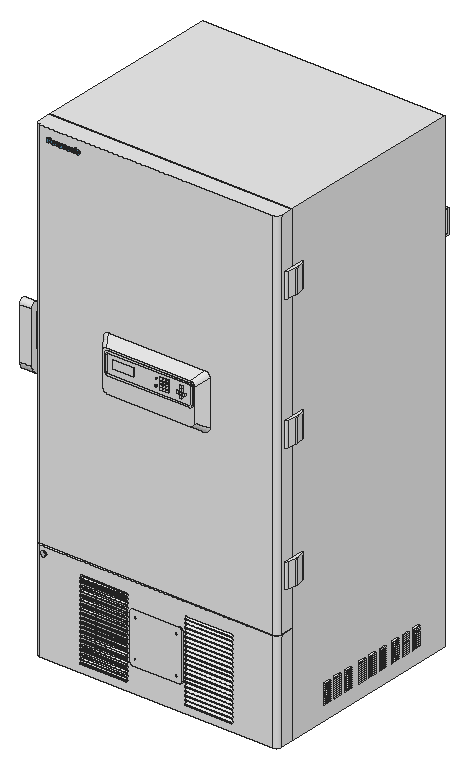
Revit family "MDF-U700VXC-PA", category Mechanical Equipment, Revit 2012 (continued)
Automatic sketch dimensions
  Extrusion 18 sketch curve to plane 29 = 0' - 0"
  Extrusion 18 sketch curve to plane 5 = 0' - 0.19685"  (x20)
  plane 28 to Extrusion 18 sketch curve = 0' - 0.08585"
  plane 5 to Extrusion 18 sketch curve = 0' - 0.59055"  (x17)
  Extrusion 18 sketch curve to Extrusion 18 sketch curve = 0' - 0"  (x3)
  plane 54 to Extrusion 18 sketch curve = 0' - 0.11059"
  Extrusion 18 sketch curve to plane 28 = 0' - 0.00103"
  plane 28 to Extrusion 18 sketch curve = 0' - 0.36614"
  Extrusion 18 sketch curve to Extrusion 18 sketch curve = 0' - 0.08688"  (x38)
  Extrusion 18 sketch curve to Extrusion 18 sketch curve = 0' - 0.58456"  (x2)
  Extrusion 18 sketch curve to plane 54 = 0' - 0.56085"
  Extrusion 18 sketch curve to plane 54 = 0' - 0.25658"
  plane 54 to Extrusion 18 sketch curve = 0' - 0.41486"
  Extrusion 18 sketch curve to Extrusion 18 sketch curve = 0' - 0.57881"  (x30)
  Extrusion 18 sketch curve to plane 29 = 0' - 0.45405"
  Extrusion 18 sketch curve to plane 29 = 0' - 0.08688"
  Extrusion 19 sketch curve to plane 10 = 0' - 0"
  Extrusion 19 sketch curve to plane 33 = 0' - 0"
  Extrusion 19 sketch curve to plane 32 = 0' - 0"
  Extrusion 19 sketch curve to plane 5 = 0' - 0"
  Extrusion 20 sketch curve to plane 7 = 0' - 0"  (x11)
  Extrusion 20 sketch curve to plane 7 = 0' - 0.7874"  (x2)
  Extrusion 20 sketch curve to Extrusion 20 sketch curve = 0' - 0"  (x9)
  Extrusion 20 sketch curve to plane 54 = 0' - 0.08138"
  plane 54 to Extrusion 20 sketch curve = 0' - 0.04542"
  plane 54 to Extrusion 20 sketch curve = 0' - 0.12216"
  Extrusion 20 sketch curve to Extrusion 20 sketch curve = 0' - 0.08688"  (x22)
  Extrusion 20 sketch curve to Extrusion 20 sketch curve = 0' - 0.20354"  (x12)
  Extrusion 20 sketch curve to Extrusion 20 sketch curve = 0' - 0.21652"  (x4)
  Extrusion 20 sketch curve to Extrusion 20 sketch curve = 0' - 0.21778"  (x2)
  Extrusion 20 sketch curve to plane 54 = 0' - 0.15813"
  Extrusion 21 sketch curve to plane 7 = 0' - 0"  (x11)
  Extrusion 21 sketch curve to plane 7 = 0' - 0.7874"  (x2)
  Extrusion 21 sketch curve to Extrusion 21 sketch curve = 0' - 0"  (x9)
  Extrusion 21 sketch curve to plane 54 = 0' - 0.08138"
  Extrusion 21 sketch curve to plane 54 = 0' - 0.15813"
  Extrusion 21 sketch curve to Extrusion 21 sketch curve = 0' - 0.08688"  (x22)
  Extrusion 21 sketch curve to Extrusion 21 sketch curve = 0' - 0.20354"  (x12)
  plane 54 to Extrusion 21 sketch curve = 0' - 0.04542"
  plane 54 to Extrusion 21 sketch curve = 0' - 0.12216"
  Extrusion 21 sketch curve to Extrusion 21 sketch curve = 0' - 0.21652"  (x4)
  Extrusion 21 sketch curve to Extrusion 21 sketch curve = 0' - 0.21778"  (x2)
  Extrusion 22 sketch curve to plane 7 = 0' - 0"  (x11)
  Extrusion 22 sketch curve to plane 7 = 0' - 0.7874"  (x2)
  Extrusion 22 sketch curve to Extrusion 22 sketch curve = 0' - 0"  (x9)
  Extrusion 22 sketch curve to plane 54 = 0' - 0.08138"
  Extrusion 22 sketch curve to plane 54 = 0' - 0.15813"
  Extrusion 22 sketch curve to Extrusion 22 sketch curve = 0' - 0.08688"  (x22)
  Extrusion 22 sketch curve to Extrusion 22 sketch curve = 0' - 0.20354"  (x12)
  plane 54 to Extrusion 22 sketch curve = 0' - 0.04542"
  plane 54 to Extrusion 22 sketch curve = 0' - 0.12216"
  Extrusion 22 sketch curve to Extrusion 22 sketch curve = 0' - 0.21652"  (x4)
  Extrusion 22 sketch curve to Extrusion 22 sketch curve = 0' - 0.21778"  (x2)
  Extrusion 23 sketch curve to plane 7 = 0' - 0"  (x11)
  Extrusion 23 sketch curve to plane 7 = 0' - 0.7874"  (x2)
  Extrusion 23 sketch curve to Extrusion 23 sketch curve = 0' - 0"  (x9)
  Extrusion 23 sketch curve to plane 54 = 0' - 0.08138"
  plane 54 to Extrusion 23 sketch curve = 0' - 0.04542"
  plane 54 to Extrusion 23 sketch curve = 0' - 0.12216"
  Extrusion 23 sketch curve to Extrusion 23 sketch curve = 0' - 0.08688"  (x22)
  Extrusion 23 sketch curve to Extrusion 23 sketch curve = 0' - 0.20354"  (x12)
  Extrusion 23 sketch curve to Extrusion 23 sketch curve = 0' - 0.21652"  (x4)
  Extrusion 23 sketch curve to Extrusion 23 sketch curve = 0' - 0.21778"  (x2)
  Extrusion 23 sketch curve to plane 54 = 0' - 0.15813"
  Extrusion 24 sketch curve to plane 7 = 0' - 0"  (x11)
  Extrusion 24 sketch curve to plane 7 = 0' - 0.7874"  (x2)
  Extrusion 24 sketch curve to Extrusion 24 sketch curve = 0' - 0"  (x9)
  Extrusion 24 sketch curve to plane 54 = 0' - 0.08138"
  Extrusion 24 sketch curve to plane 54 = 0' - 0.15813"
  Extrusion 24 sketch curve to Extrusion 24 sketch curve = 0' - 0.08688"  (x22)
  Extrusion 24 sketch curve to Extrusion 24 sketch curve = 0' - 0.20354"  (x12)
  plane 54 to Extrusion 24 sketch curve = 0' - 0.04542"
  plane 54 to Extrusion 24 sketch curve = 0' - 0.12216"
  Extrusion 24 sketch curve to Extrusion 24 sketch curve = 0' - 0.21652"  (x4)
  Extrusion 24 sketch curve to Extrusion 24 sketch curve = 0' - 0.21778"  (x2)
  Extrusion 25 sketch curve to plane 7 = 0' - 0"  (x11)
  Extrusion 25 sketch curve to plane 7 = 0' - 0.7874"  (x2)
  Extrusion 25 sketch curve to Extrusion 25 sketch curve = 0' - 0"  (x9)
  Extrusion 25 sketch curve to plane 54 = 0' - 0.08138"
  Extrusion 25 sketch curve to plane 54 = 0' - 0.15813"
  Extrusion 25 sketch curve to Extrusion 25 sketch curve = 0' - 0.08688"  (x22)
  Extrusion 25 sketch curve to Extrusion 25 sketch curve = 0' - 0.20354"  (x12)
  plane 54 to Extrusion 25 sketch curve = 0' - 0.04542"
  plane 54 to Extrusion 25 sketch curve = 0' - 0.12216"
  Extrusion 25 sketch curve to Extrusion 25 sketch curve = 0' - 0.21652"  (x4)
  Extrusion 25 sketch curve to Extrusion 25 sketch curve = 0' - 0.21778"  (x2)
  Extrusion 26 sketch curve to plane 7 = 0' - 0"  (x11)
  Extrusion 26 sketch curve to plane 7 = 0' - 0.7874"  (x2)
  Extrusion 26 sketch curve to Extrusion 26 sketch curve = 0' - 0"  (x9)
  Extrusion 26 sketch curve to plane 54 = 0' - 0.08138"
  plane 54 to Extrusion 26 sketch curve = 0' - 0.04542"
  plane 54 to Extrusion 26 sketch curve = 0' - 0.12216"
  Extrusion 26 sketch curve to Extrusion 26 sketch curve = 0' - 0.08688"  (x22)
  Extrusion 26 sketch curve to Extrusion 26 sketch curve = 0' - 0.20354"  (x12)
  Extrusion 26 sketch curve to Extrusion 26 sketch curve = 0' - 0.21652"  (x4)
  Extrusion 26 sketch curve to Extrusion 26 sketch curve = 0' - 0.21778"  (x2)
  Extrusion 26 sketch curve to plane 54 = 0' - 0.15813"
  Extrusion 27 sketch curve to plane 7 = 0' - 0"  (x11)
  Extrusion 27 sketch curve to plane 7 = 0' - 0.7874"  (x2)
  Extrusion 27 sketch curve to Extrusion 27 sketch curve = 0' - 0"  (x9)
  Extrusion 27 sketch curve to plane 54 = 0' - 0.08138"
  Extrusion 27 sketch curve to plane 54 = 0' - 0.15813"
  Extrusion 27 sketch curve to Extrusion 27 sketch curve = 0' - 0.08688"  (x22)
  Extrusion 27 sketch curve to Extrusion 27 sketch curve = 0' - 0.20354"  (x12)
  plane 54 to Extrusion 27 sketch curve = 0' - 0.04542"
  plane 54 to Extrusion 27 sketch curve = 0' - 0.12216"
  Extrusion 27 sketch curve to Extrusion 27 sketch curve = 0' - 0.21652"  (x4)
  Extrusion 27 sketch curve to Extrusion 27 sketch curve = 0' - 0.21778"  (x2)
  Extrusion 28 sketch curve to plane 36 = 0' - 0"
  Extrusion 28 sketch curve to plane 37 = 0' - 0"
  Extrusion 28 sketch curve to plane 38 = 0' - 0"
  Extrusion 28 sketch curve to plane 39 = 0' - 0"
  Extrusion 28 sketch curve to plane 40 = 0' - 0"
  Extrusion 28 sketch curve to plane 41 = 0' - 0"
  Extrusion 28 sketch curve to plane 42 = 0' - 0"
  Extrusion 28 sketch curve to plane 43 = 0' - 0"
  Extrusion 28 sketch curve to plane 44 = 0' - 0"
  Extrusion 28 sketch curve to plane 45 = 0' - 0"
  Extrusion 28 sketch curve to plane 46 = 0' - 0"
  Extrusion 28 sketch curve to plane 47 = 0' - 0"
  Extrusion 28 sketch curve to plane 48 = 0' - 0"
  Extrusion 28 sketch curve to plane 49 = 0' - 0"
  Extrusion 28 sketch curve to plane 50 = 0' - 0"
  Extrusion 28 sketch curve to plane 51 = 0' - 0"
  Extrusion 28 sketch curve to plane 52 = 0' - 0"
  Extrusion 28 sketch curve to plane 53 = 0' - 0"
  Extrusion 28 sketch curve to plane 54 = 0' - 0.53543"  (x9)
  plane 54 to Extrusion 28 sketch curve = 0' - 2.86305"
  Extrusion 28 sketch curve to Extrusion 28 sketch curve = 0' - 0"  (x8)
  Extrusion 29 sketch curve to plane 4 = 0' - 0"  (x2)
  plane 4 to Extrusion 29 sketch curve = 0' - 0.11811"
  Extrusion 29 sketch curve to Extrusion 29 sketch curve = 0' - 0.11811"  (x4)
  Extrusion 29 sketch curve to plane 18 = 0' - 1.30699"
  Extrusion 29 sketch curve to Extrusion 29 sketch curve = 0' - 3.8189"
  plane 19 to Extrusion 29 sketch curve = 0' - 1.72451"
  Extrusion 29 sketch curve to Extrusion 29 sketch curve = 0' - 1.73228"
  Extrusion 29 sketch curve to Extrusion 29 sketch curve = 0' - 1.62179"
  Extrusion 30 sketch curve to plane 4 = 0' - 0"  (x2)
  plane 4 to Extrusion 30 sketch curve = 0' - 0.11811"
  Extrusion 30 sketch curve to Extrusion 30 sketch curve = 0' - 0.11811"  (x4)
  Extrusion 30 sketch curve to plane 18 = 0' - 1.30699"
  Extrusion 30 sketch curve to Extrusion 30 sketch curve = 0' - 3.8189"
  Extrusion 30 sketch curve to Extrusion 30 sketch curve = 0' - 1.62179"
  plane 19 to Extrusion 30 sketch curve = 0' - 1.72451"
  Extrusion 30 sketch curve to Extrusion 30 sketch curve = 0' - 1.73228"
  Extrusion 31 sketch curve to plane 5 = 0' - 0"
  Extrusion 31 sketch curve to plane 7 = 0' - 0"
  plane 5 to Extrusion 31 sketch curve = 0' - 0.7874"
  Extrusion 31 sketch curve to plane 7 = 0' - 0.7874"
  Extrusion 32 sketch curve to plane 4 = 0' - 0"
  plane 4 to Extrusion 32 sketch curve = 0' - 0.03937"  (x2)
  plane 4 to Extrusion 32 sketch curve = 0' - 0.43307"
  plane 26 to Extrusion 32 sketch curve = 0' - 5.89944"
  Extrusion 32 sketch curve to Extrusion 32 sketch curve = 0' - 0.37739"  (x2)
  Extrusion 32 sketch curve to Extrusion 32 sketch curve = 0' - 0.3937"  (x2)
  plane 15 to Extrusion 32 sketch curve = 0' - 0.7901"
  Sweep 33 sketch curve to plane 4 = 0' - 0"
  Sweep 33 sketch curve to plane 7 = 0' - 0"
  Sweep 33 sketch curve to plane 10 = 0' - 0"  (x2)
  Sweep 33 sketch curve to plane 6 = 0' - 0"
  Sweep 33 sketch curve to profile plane = 0' - 0"
  profile plane to Sweep 33 sketch curve = 0' - 3.50394"
  Extrusion 34 sketch curve to plane 7 = 0' - 0"  (x11)
  Extrusion 34 sketch curve to plane 7 = 0' - 0.7874"  (x2)
  Extrusion 34 sketch curve to Extrusion 34 sketch curve = 0' - 0"  (x9)
  Extrusion 34 sketch curve to plane 54 = 0' - 0.08138"
  Extrusion 34 sketch curve to plane 54 = 0' - 0.15813"
  Extrusion 34 sketch curve to Extrusion 34 sketch curve = 0' - 0.08688"  (x22)
  Extrusion 34 sketch curve to Extrusion 34 sketch curve = 0' - 0.20354"  (x12)
  plane 54 to Extrusion 34 sketch curve = 0' - 0.04542"
  plane 54 to Extrusion 34 sketch curve = 0' - 0.12216"
  Extrusion 34 sketch curve to Extrusion 34 sketch curve = 0' - 0.21652"  (x4)
  Extrusion 34 sketch curve to Extrusion 34 sketch curve = 0' - 0.21778"  (x2)
  Extrusion 35 sketch curve to plane 10 = 0' - 0"
  Extrusion 35 sketch curve to plane 7 = 0' - 0"
  Extrusion 35 sketch curve to plane 7 = 0' - 0.16849"
  Extrusion 35 sketch curve to Extrusion 35 sketch curve = 0' - 0.23617"  (x2)
  Extrusion 35 sketch curve to Extrusion 35 sketch curve = 0' - 0.25596"  (x2)
  plane 10 to Extrusion 35 sketch curve = 0' - 0.15868"
  plane 7 to Extrusion 35 sketch curve = 0' - 0.7314"
  Extrusion 35 sketch curve to plane 10 = 0' - 0.15868"
  Extrusion 35 sketch curve to Extrusion 35 sketch curve = 0' - 1.35702"  (x2)
Nested families (in)
  nested 1: "Wheels 2" at (-11.65354, -9.95683, 0), Metal <- "Wheel", type "Wheels 2"
    with Metal Stainless Steel, Finish Stainless Stainless
  nested 2: "Wheels 2" at (11.65354, -9.95683, 0) x (-1, 0, 0) z (0, 0, 1), Metal <- "Wheel", type "Wheels 2"
    with Metal Stainless Steel, Finish Stainless Stainless
  nested 3: "Wheels 2" at (-11.65354, 12.99213, 0), Metal <- "Wheel", type "Wheels 2"
    with Metal Stainless Steel, Finish Stainless Stainless
  nested 4: "Wheels 2" at (11.65354, 12.99213, 0) x (-1, 0, 0) z (0, 0, 1), Metal <- "Wheel", type "Wheels 2"
    with Metal Stainless Steel, Finish Stainless Stainless
  nested 5: "Panel board 7" at (0, -0.03937, 0), type "Panel board 7"
  nested 6: "Panasonic logo" at (-17.90631, -17.12598, 77.03611), type "Panasonic logo"
  nested 7: "Panel board 8" at (0, -0.03937, 0), type "Panel board 8"
  nested 8: "nob" at (-3.38583, -0.03937, 0), type "nob"
  nested 9: "power cord" at (-17.12205, 19.3937, 4.59055), type "power cord"
  nested 10: "Handle1" at (-21.85039, -11.36811, 42.20472), Handle <- "Handle", type "Handle1"
    with Handle Aluminum
  nested 11: "Vacuum Relief Valve" at (-20.66929, -8.86811, 44), type "Vacuum Relief Valve"
    with Handle none
Connectors (in)
  electrical at (-15.88189, 18.25984, 4), driven by "LOAD 1 POLES", driven by "LOAD 1 CLASSIFICATION", driven by "LOAD 1 VOLTAGE", driven by "LOAD 1 WATTAGE", driven by "LOAD 1 DESCRIPTION"
    settings: on nested 9, index 1, voltage 208 V, apparent load 0 VA, apparent load phase1 1100 VA, apparent load phase2 0 VA, apparent load phase3 0 VA, power factor 1, load classification "Power", number of poles 1, system type 31, power factor state 1, is connector primary yes, connector utility no, sub classification motor no, connector description "single phase 208/220V 60Hz"
Definition of nested family "Wheels 2"
  Parameters (values of type "Wheels 2")
    Metal [instance] = Metal Steel
    Finish Stainless [instance] = Stainless
    Assembly Code = ""
  Reference planes (in)
    plane 1 "Center (Front/Back)": y = 0
    plane 2: z = 0
    plane 3 "Center (Left/Right)": x = 0
    plane 4: z = 1.06299
    plane 5: x = -0.3937
    plane 6: x = 0.3937
    plane 7: x = -1.5748
    plane 8: x = 1.5748
  Forms (in)
    Extrusion 1, solid, material "Metal Steel" <- "Metal"
      sketch origin (0, 0, -0.45276) x (0, 1, 0) y (0, 0, 1)
        loop
          circle (0, 0.98425) r 0.5315
      from -1.5748 to -0.3937
    Extrusion 2, solid, material "Metal Steel" <- "Metal"
      sketch origin (0, 0, -0.45276) x (0, 1, 0) y (0, 0, 1)
        loop
          circle (0, 0.98425) r 0.5315
      from 0.3937 to 1.5748
    Extrusion 3, solid, material "Stainless" <- "Finish Stainless"
      sketch origin (0, 0, -0.37404) x (0, 1, 0) y (0, 0, 1)
        loop
          circle (0, 1.25987) r 0.17717
      from -0.3937 to 0.3937
  Dimensions and locks (in)
    plane 4 to level = 0' - 1.06299"
    plane 3 "Center (Left/Right)" to plane 5 = 0' - 0.3937"
    plane 6 to plane 3 "Center (Left/Right)" = 0' - 0.3937"
    plane 5 to plane 7 = 0' - 1.1811"
    plane 8 to plane 6 = 0' - 1.1811"
    aligned and locked: plane 5 to Extrusion 1
    aligned and locked: plane 7 to Extrusion 1
    aligned and locked: Extrusion 2 to plane 6
    aligned and locked: plane 8 to Extrusion 2
    aligned and locked: Extrusion 3 to Extrusion 1
    aligned and locked: plane 6 to Extrusion 3
Definition of nested family "Panel board 7"
  Parameters (values of type "Panel board 7")
    Panel = Plastic
  Reference planes (in)
    plane 1 "Center (Front/Back)": y = 0
    plane 2: z = 0
    plane 3 "Center (Left/Right)": x = 0
  Forms (in)
    Blend 1, solid, material "Plastic" <- "Panel"
      base sketch origin (-2.92052, 0, 1.07682) x (1, 0, 0) y (0, 0, 1)
        loop
          arc (-4.93586, 51.42792) -> (-5.49264, 51.19729) -> (-5.72326, 50.64051) r 0.7874
          line (-5.72326, 50.64051) -> (-5.72326, 43.23894)
          arc (-5.72326, 43.23894) -> (-5.49264, 42.68216) -> (-4.93586, 42.45154) r 0.7874
          line (-4.93586, 42.45154) -> (10.81231, 42.45154)
          arc (10.81231, 42.45154) -> (11.36909, 42.68216) -> (11.59971, 43.23894) r 0.7874
          line (11.59971, 43.23894) -> (11.59971, 50.64051)
          arc (11.59971, 50.64051) -> (11.36909, 51.19729) -> (10.81231, 51.42792) r 0.7874
          line (10.81231, 51.42792) -> (-4.93586, 51.42792)
      top sketch origin (-2.92052, 0, 1.07682) x (1, 0, 0) y (0, 0, 1)
        loop
          arc (-3.9237, 50.32555) -> (-4.39493, 50.09959) -> (-4.6209, 49.62836) r 0.7874
          line (-4.6209, 49.62836) -> (-4.6209, 44.2511)
          arc (-4.6209, 44.2511) -> (-4.39493, 43.77986) -> (-3.9237, 43.5539) r 0.7874
          line (-3.9237, 43.5539) -> (9.80015, 43.5539)
          arc (9.80015, 43.5539) -> (10.27139, 43.77986) -> (10.49735, 44.2511) r 0.7874
          line (10.49735, 44.2511) -> (10.49735, 49.62836)
          arc (10.49735, 49.62836) -> (10.27139, 50.09959) -> (9.80015, 50.32555) r 0.7874
          line (9.80015, 50.32555) -> (-3.9237, 50.32555)
      from 17.08661 to 18.66142
    Extrusion 2, solid, material "Plastic" <- "Panel"
      sketch origin (0.01778, 0, 0.00473) x (1, 0, 0) y (0, 0, 1)
        loop
          arc (-6.64412, 51.00394) -> (-7.01279, 50.85123) -> (-7.16549, 50.48257) r 0.52137
          line (-7.16549, 50.48257) -> (-7.16549, 47.94263)
          arc (-7.16549, 47.94263) -> (-7.01279, 47.57397) -> (-6.64412, 47.42126) r 0.52137
          line (-6.64412, 47.42126) -> (6.64399, 47.42126)
          arc (6.64399, 47.42126) -> (7.01265, 47.57397) -> (7.16535, 47.94263) r 0.52137
          line (7.16535, 47.94263) -> (7.16535, 50.48257)
          arc (7.16535, 50.48257) -> (7.01265, 50.85123) -> (6.64399, 51.00394) r 0.52137
          line (6.64399, 51.00394) -> (-6.64412, 51.00394)
        loop
          arc (-6.64412, 50.80709) -> (-6.87359, 50.71204) -> (-6.96864, 50.48257) r 0.32452
          line (-6.96864, 50.48257) -> (-6.96864, 47.94263)
          arc (-6.96864, 47.94263) -> (-6.87359, 47.71316) -> (-6.64412, 47.61811) r 0.32452
          line (-6.64412, 47.61811) -> (6.64399, 47.61811)
          arc (6.64399, 47.61811) -> (6.87345, 47.71316) -> (6.9685, 47.94263) r 0.32452
          line (6.9685, 47.94263) -> (6.9685, 50.48257)
          arc (6.9685, 50.48257) -> (6.87345, 50.71204) -> (6.64399, 50.80709) r 0.32452
          line (6.64399, 50.80709) -> (-6.64412, 50.80709)
        loop
          line (-5.86605, 49.93539) -> (-5.86605, 48.65586) -> (-2.51946, 48.65586) -> (-2.51946, 49.93539) -> (-5.86605, 49.93539)
        loop
          line (1.84688, 50.14765) -> (1.84688, 49.75394) -> (2.24058, 49.75394) -> (2.24058, 50.14765) -> (1.84688, 50.14765)
        loop
          line (2.3458, 50.14765) -> (2.3458, 49.75394) -> (2.7395, 49.75394) -> (2.7395, 50.14765) -> (2.3458, 50.14765)
        loop
          line (2.84473, 50.14765) -> (2.84473, 49.75394) -> (3.23843, 49.75394) -> (3.23843, 50.14765) -> (2.84473, 50.14765)
        loop
          line (1.84688, 49.66284) -> (1.84688, 49.26914) -> (2.24058, 49.26914) -> (2.24058, 49.66284) -> (1.84688, 49.66284)
        loop
          line (2.3458, 49.66284) -> (2.3458, 49.26914) -> (2.7395, 49.26914) -> (2.7395, 49.66284) -> (2.3458, 49.66284)
        loop
          line (2.84473, 49.66284) -> (2.84473, 49.26914) -> (3.23843, 49.26914) -> (3.23843, 49.66284) -> (2.84473, 49.66284)
        loop
          line (1.84688, 49.17803) -> (1.84688, 48.78433) -> (2.24058, 48.78433) -> (2.24058, 49.17803) -> (1.84688, 49.17803)
        loop
          line (2.3458, 49.17803) -> (2.3458, 48.78433) -> (2.7395, 48.78433) -> (2.7395, 49.17803) -> (2.3458, 49.17803)
        loop
          line (2.84473, 49.17803) -> (2.84473, 48.78433) -> (3.23843, 48.78433) -> (3.23843, 49.17803) -> (2.84473, 49.17803)
        loop
          line (1.84688, 48.69322) -> (1.84688, 48.29952) -> (2.24058, 48.29952) -> (2.24058, 48.69322) -> (1.84688, 48.69322)
        loop
          line (2.3458, 48.69322) -> (2.3458, 48.29952) -> (2.7395, 48.29952) -> (2.7395, 48.69322) -> (2.3458, 48.69322)
        loop
          line (2.84473, 48.69322) -> (2.84473, 48.29952) -> (3.23843, 48.29952) -> (3.23843, 48.69322) -> (2.84473, 48.69322)
        loop
          line (5.0839, 50.14765) -> (5.0839, 49.75394) -> (5.4776, 49.75394) -> (5.4776, 50.14765) -> (5.0839, 50.14765)
        loop
          line (5.0839, 49.66284) -> (5.0839, 49.26914) -> (5.4776, 49.26914) -> (5.4776, 49.66284) -> (5.0839, 49.66284)
        loop
          line (5.0839, 49.17803) -> (5.0839, 48.78433) -> (5.4776, 48.78433) -> (5.4776, 49.17803) -> (5.0839, 49.17803)
        loop
          line (5.0839, 48.69322) -> (5.0839, 48.29952) -> (5.4776, 48.29952) -> (5.4776, 48.69322) -> (5.0839, 48.69322)
        loop
          line (5.58283, 49.17803) -> (5.58283, 48.78433) -> (5.97653, 48.78433) -> (5.97653, 49.17803) -> (5.58283, 49.17803)
        loop
          line (4.58498, 49.17803) -> (4.58498, 48.78433) -> (4.97868, 48.78433) -> (4.97868, 49.17803) -> (4.58498, 49.17803)
        loop
          circle (1.17466, 48.67164) r 0.11811
        loop
          circle (1.17466, 49.7412) r 0.07874
      from 18.66142 to 18.75833
  Dimensions and locks (in)
    aligned and locked: level to plane 2
Definition of nested family "Panasonic logo"
  Reference planes (in)
    plane 1 "Center (Front/Back)": y = 0
    plane 2: z = 0
    plane 3 "Center (Left/Right)": x = 0
  Forms (in)
    Extrusion 1, solid, material "Panasonic Logo"
      sketch origin (0.03212, -0.09843, 0) x (-1, 0, 0) y (0, 0, 1)
        loop
          line (0, 0.68898) -> (-0.38583, 0.68898)
          arc (-0.38583, 0.68898) -> (-0.5324, 0.62429) -> (-0.58339, 0.47241) r 0.19839
          arc (-0.58339, 0.47241) -> (-0.5324, 0.32053) -> (-0.38583, 0.25585) r 0.19839
          line (-0.38583, 0.25585) -> (-0.21395, 0.25585) -> (-0.21395, 0) -> (0, 0) -> (0, 0.68898)
        loop
          arc (-0.66907, 0.33724) -> (-0.70533, 0.42799) -> (-0.78293, 0.48739) r 0.18409
          arc (-0.78293, 0.48739) -> (-0.94253, 0.51185) -> (-1.10277, 0.49195) r 0.58761
          arc (-1.10277, 0.49195) -> (-1.17984, 0.43094) -> (-1.20954, 0.33724) r 0.16786
          line (-1.20954, 0.33724) -> (-1.20954, 0.10637)
          arc (-1.20954, 0.10637) -> (-1.21448, 0.05156) -> (-1.23371, 0) r 0.20675
          line (-1.23371, 0) -> (-1.05442, 0)
          arc (-1.05442, 0) -> (-1.04032, 0.02938) -> (-1.03346, 0.06124) r 0.13892
          arc (-1.03346, 0.06124) -> (-0.92765, -0.00265) -> (-0.80421, -0.00927) r 0.25497
          arc (-0.80421, -0.00927) -> (-0.68619, 0.05376) -> (-0.66967, 0.18654) r 0.14536
          arc (-0.66967, 0.18654) -> (-0.70757, 0.24008) -> (-0.76714, 0.26753) r 0.12687
          arc (-0.76714, 0.26753) -> (-0.89578, 0.2976) -> (-1.02299, 0.33321) r 3.05121
          arc (-1.02299, 0.33321) -> (-1.01572, 0.37383) -> (-0.97994, 0.3944) r 0.04886
          arc (-0.97994, 0.3944) -> (-0.9077, 0.38896) -> (-0.85699, 0.33724) r 0.10279
          line (-0.85699, 0.33724) -> (-0.66907, 0.33724)
        loop
          arc (-1.02299, 0.23691) -> (-1.02456, 0.20658) -> (-1.02057, 0.17647) r 0.16573
          arc (-1.02057, 0.17647) -> (-0.98107, 0.1169) -> (-0.91299, 0.09509) r 0.10791
          arc (-0.91299, 0.09509) -> (-0.86961, 0.109) -> (-0.8514, 0.15075) r 0.0553
          arc (-0.8514, 0.15075) -> (-0.86976, 0.18174) -> (-0.90091, 0.19984) r 0.07152
          arc (-0.90091, 0.19984) -> (-0.96216, 0.21768) -> (-1.02299, 0.23691) r 2.80364
        loop
          line (-1.32437, 0) -> (-1.32437, 0.49921) -> (-1.50205, 0.49921) -> (-1.50205, 0.41782)
          arc (-1.50205, 0.41782) -> (-1.569, 0.48006) -> (-1.65589, 0.50849) r 0.2129
          arc (-1.65589, 0.50849) -> (-1.71735, 0.50634) -> (-1.77603, 0.48792) r 0.22905
          arc (-1.77603, 0.48792) -> (-1.82695, 0.43299) -> (-1.85137, 0.36217) r 0.18164
          line (-1.85137, 0.36217) -> (-1.85137, 0) -> (-1.65959, 0) -> (-1.65959, 0.29261)
          arc (-1.65959, 0.29261) -> (-1.65655, 0.30888) -> (-1.65071, 0.32437) r 0.09434
          arc (-1.65071, 0.32437) -> (-1.60773, 0.35903) -> (-1.55372, 0.34755) r 0.06426
          arc (-1.55372, 0.34755) -> (-1.52809, 0.31355) -> (-1.51535, 0.27293) r 0.12512
          line (-1.51535, 0.27293) -> (-1.51535, 0) -> (-1.32437, 0)
        loop
          arc (-2.0658, 0.48739) -> (-2.2254, 0.51185) -> (-2.38563, 0.49195) r 0.58761
          arc (-2.38563, 0.49195) -> (-2.46271, 0.43094) -> (-2.4924, 0.33724) r 0.16786
          line (-2.4924, 0.33724) -> (-2.4924, 0.10637)
          arc (-2.4924, 0.10637) -> (-2.49735, 0.05156) -> (-2.51658, 0) r 0.20675
          line (-2.51658, 0) -> (-2.33728, 0)
          arc (-2.33728, 0) -> (-2.32319, 0.02938) -> (-2.31633, 0.06124) r 0.13892
          arc (-2.31633, 0.06124) -> (-2.21051, -0.00265) -> (-2.08707, -0.00927) r 0.25497
          arc (-2.08707, -0.00927) -> (-1.96905, 0.05376) -> (-1.95254, 0.18654) r 0.14536
          arc (-1.95254, 0.18654) -> (-1.99044, 0.24008) -> (-2.05001, 0.26753) r 0.12687
          arc (-2.05001, 0.26753) -> (-2.17864, 0.2976) -> (-2.30585, 0.33321) r 3.05121
          arc (-2.30585, 0.33321) -> (-2.29859, 0.37383) -> (-2.2628, 0.3944) r 0.04886
          arc (-2.2628, 0.3944) -> (-2.19057, 0.38896) -> (-2.13986, 0.33724) r 0.10279
          line (-2.13986, 0.33724) -> (-1.95194, 0.33724)
          arc (-1.95194, 0.33724) -> (-1.9882, 0.42799) -> (-2.0658, 0.48739) r 0.18409
        loop
          arc (-2.30585, 0.23691) -> (-2.30743, 0.20658) -> (-2.30344, 0.17647) r 0.16573
          arc (-2.30344, 0.17647) -> (-2.26393, 0.1169) -> (-2.19586, 0.09509) r 0.10791
          arc (-2.19586, 0.09509) -> (-2.15248, 0.109) -> (-2.13426, 0.15075) r 0.0553
          arc (-2.13426, 0.15075) -> (-2.15263, 0.18174) -> (-2.18377, 0.19984) r 0.07152
          arc (-2.18377, 0.19984) -> (-2.24502, 0.21768) -> (-2.30585, 0.23691) r 2.80364
        loop
          arc (-2.92975, 0.5049) -> (-3.03414, 0.45676) -> (-3.09463, 0.35899) r 0.19947
          line (-3.09463, 0.35899) -> (-2.90539, 0.35899)
          arc (-2.90539, 0.35899) -> (-2.85237, 0.40465) -> (-2.78266, 0.39858) r 0.09009
          arc (-2.78266, 0.39858) -> (-2.76871, 0.36543) -> (-2.79321, 0.33909) r 0.03313
          arc (-2.79321, 0.33909) -> (-2.83869, 0.3295) -> (-2.88433, 0.32073) r 2.54064
          arc (-2.88433, 0.32073) -> (-2.94649, 0.31004) -> (-3.00772, 0.29493) r 0.88332
          arc (-3.00772, 0.29493) -> (-3.10307, 0.16501) -> (-3.01917, 0.02742) r 0.14476
          arc (-3.01917, 0.02742) -> (-2.86186, -0.01349) -> (-2.7003, 0.00443) r 0.44796
          arc (-2.7003, 0.00443) -> (-2.61174, 0.06063) -> (-2.56879, 0.15633) r 0.18235
          line (-2.56879, 0.15633) -> (-2.76316, 0.15633)
          arc (-2.76316, 0.15633) -> (-2.82114, 0.10394) -> (-2.89929, 0.10393) r 0.1088
          arc (-2.89929, 0.10393) -> (-2.92477, 0.13586) -> (-2.90659, 0.17245) r 0.03801
          arc (-2.90659, 0.17245) -> (-2.82094, 0.19945) -> (-2.73194, 0.21153) r 0.52701
          arc (-2.73194, 0.21153) -> (-2.66987, 0.23105) -> (-2.62133, 0.27438) r 0.15455
          arc (-2.62133, 0.27438) -> (-2.5992, 0.38794) -> (-2.67049, 0.47906) r 0.13932
          arc (-2.67049, 0.47906) -> (-2.79835, 0.50972) -> (-2.92975, 0.5049) r 0.48494
        loop
          arc (-3.54315, 0.50388) -> (-3.74384, 0.24936) -> (-3.54315, -0.00516) r 0.26174
          arc (-3.54315, -0.00516) -> (-3.42866, -0.01726) -> (-3.31789, 0.01412) r 0.30368
          arc (-3.31789, 0.01412) -> (-3.1709, 0.24936) -> (-3.31789, 0.4846) r 0.26174
          arc (-3.31789, 0.4846) -> (-3.42866, 0.51599) -> (-3.54315, 0.50388) r 0.30368
        loop
          arc (-3.52459, 0.34884) -> (-3.55159, 0.24936) -> (-3.52459, 0.14988) r 0.19678
          arc (-3.52459, 0.14988) -> (-3.45714, 0.11805) -> (-3.38968, 0.14988) r 0.08739
          arc (-3.38968, 0.14988) -> (-3.36269, 0.24936) -> (-3.38968, 0.34884) r 0.19678
          arc (-3.38968, 0.34884) -> (-3.45714, 0.38067) -> (-3.52459, 0.34884) r 0.08739
        loop
          line (-3.83611, 0.49921) -> (-4.01379, 0.49921) -> (-4.01379, 0.41782)
          arc (-4.01379, 0.41782) -> (-4.08074, 0.48006) -> (-4.16763, 0.50849) r 0.2129
          arc (-4.16763, 0.50849) -> (-4.22909, 0.50634) -> (-4.28777, 0.48792) r 0.22905
          arc (-4.28777, 0.48792) -> (-4.33869, 0.43299) -> (-4.36311, 0.36217) r 0.18164
          line (-4.36311, 0.36217) -> (-4.36311, 0) -> (-4.17133, 0) -> (-4.17133, 0.29261)
          arc (-4.17133, 0.29261) -> (-4.16829, 0.30888) -> (-4.16245, 0.32437) r 0.09434
          arc (-4.16245, 0.32437) -> (-4.11947, 0.35903) -> (-4.06546, 0.34755) r 0.06426
          arc (-4.06546, 0.34755) -> (-4.03983, 0.31355) -> (-4.02709, 0.27293) r 0.12512
          line (-4.02709, 0.27293) -> (-4.02709, 0) -> (-3.83611, 0) -> (-3.83611, 0.49921)
        loop
          line (-4.48439, 0.55884) -> (-4.48439, 0.68898) -> (-4.67537, 0.68898) -> (-4.67537, 0.55884) -> (-4.48439, 0.55884)
        loop
          line (-4.67537, 0.49921) -> (-4.67537, 0) -> (-4.48439, 0) -> (-4.48439, 0.49921) -> (-4.67537, 0.49921)
        loop
          arc (-5.14673, 0.50231) -> (-5.26863, 0.43498) -> (-5.33874, 0.31467) r 0.26174
          line (-5.33874, 0.31467) -> (-5.14346, 0.31467)
          arc (-5.14346, 0.31467) -> (-5.13656, 0.33132) -> (-5.12818, 0.34727) r 0.19678
          arc (-5.12818, 0.34727) -> (-5.06072, 0.3791) -> (-4.99327, 0.34727) r 0.08739
          arc (-4.99327, 0.34727) -> (-4.96627, 0.24779) -> (-4.99327, 0.14831) r 0.19678
          arc (-4.99327, 0.14831) -> (-5.06072, 0.11648) -> (-5.12818, 0.14831) r 0.08739
          arc (-5.12818, 0.14831) -> (-5.13966, 0.17121) -> (-5.14807, 0.19541) r 0.19678
          line (-5.14807, 0.19541) -> (-5.34213, 0.19541)
          arc (-5.34213, 0.19541) -> (-5.27388, 0.06588) -> (-5.14673, -0.00673) r 0.26174
          arc (-5.14673, -0.00673) -> (-5.03224, -0.01884) -> (-4.92147, 0.01255) r 0.30368
          arc (-4.92147, 0.01255) -> (-4.77449, 0.24779) -> (-4.92147, 0.48303) r 0.26174
          arc (-4.92147, 0.48303) -> (-5.03224, 0.51441) -> (-5.14673, 0.50231) r 0.30368
        loop
          line (-0.21395, 0.39261) -> (-0.21395, 0.5502) -> (-0.3165, 0.5502)
          arc (-0.3165, 0.5502) -> (-0.35937, 0.53244) -> (-0.37712, 0.48958) r 0.06062
          line (-0.37712, 0.48958) -> (-0.37712, 0.45323)
          arc (-0.37712, 0.45323) -> (-0.35937, 0.41037) -> (-0.3165, 0.39261) r 0.06062
          line (-0.3165, 0.39261) -> (-0.21395, 0.39261)
      from 0 to 0.09843
  Dimensions and locks (in)
    aligned and locked: plane 2 to level
Definition of nested family "Panel board 8"
  Parameters (values of type "Panel board 8")
    Panel = Plastic
  Reference planes (in)
    plane 1 "Center (Front/Back)": y = 0
    plane 2: z = 0
    plane 3 "Center (Left/Right)": x = 0
  Forms (in)
    Extrusion 1, solid, material "Plastic" <- "Panel"
      sketch origin (0, 0, 0) x (1, 0, 0) y (0, 0, 1)
        loop
          line (-3.83858, 5.15748) -> (3.83858, 5.15748)
          arc (3.83858, 5.15748) -> (4.11697, 5.27279) -> (4.23228, 5.55118) r 0.3937
          line (4.23228, 5.55118) -> (4.23228, 12.99213)
          arc (4.23228, 12.99213) -> (4.11697, 13.27051) -> (3.83858, 13.38583) r 0.3937
          line (3.83858, 13.38583) -> (-3.83858, 13.38583)
          arc (-3.83858, 13.38583) -> (-4.11697, 13.27051) -> (-4.23228, 12.99213) r 0.3937
          line (-4.23228, 12.99213) -> (-4.23228, 5.55118)
          arc (-4.23228, 5.55118) -> (-4.11697, 5.27279) -> (-3.83858, 5.15748) r 0.3937
        loop
          circle (-3.39616, 12.3382) r 0.11811
        loop
          circle (3.39616, 12.3382) r 0.11811
        loop
          circle (-3.39616, 6.20511) r 0.11811
        loop
          circle (3.39616, 6.20511) r 0.11811
      from 17.08661 to 17.21857
  Dimensions and locks (in)
    aligned and locked: level to plane 2
Definition of nested family "nob"
  Parameters (values of type "nob")
    Panel = none
  Reference planes (in)
    plane 1 "Center (Front/Back)": y = 0
    plane 2: z = 0
    plane 3 "Center (Left/Right)": x = 0
  Forms (in)
    Extrusion 1, solid, material "Plastic" <- "Panel"
      sketch origin (0, 0, 0) x (1, 0, 0) y (0, 0, 1)
        loop
          circle (-15.10591, 16.36588) r 0.3937
      from 17.08661 to 17.21857
  Lines and regions (in)
    symbolic lines
      curve 1: line (-15.10591, 0, 15.97218) -> (-15.10591, 0, 16.75958)
      curve 2: line (-15.49961, 0, 16.36588) -> (-14.7122, 0, 16.36588)
  Dimensions and locks (in)
    aligned and locked: level to plane 2
Definition of nested family "power cord"
  Reference planes (in)
    plane 1 "Center (Front/Back)": y = 0
    plane 2: z = 0
    plane 3 "Center (Left/Right)": x = 0
  Forms (in)
    Extrusion 1, solid
      sketch origin (0, 0, 0) x (1, 0, 0) y (0, 0, 1)
        loop
          line (0, 0) -> (2.48031, 0) -> (2.48031, 9.38976) -> (0, 9.38976) -> (0, 0)
      from 0 to 2.26772
    Extrusion 2, solid
      sketch origin (0, 0, 0) x (0, -1, 0) y (-1, 0, 0)
        loop
          line (0.57708, -1.79693) -> (1.33765, -2.00073) -> (1.89443, -1.44395) -> (1.69064, -0.68338) -> (0.93006, -0.47959) -> (0.37329, -1.03636) -> (0.57708, -1.79693)
      from 0 to 0.59055
  Dimensions and locks (in)
    aligned and locked: level to plane 2
Definition of nested family "Handle1"
  Parameters (values of type "Handle1")
    Handle [instance] = none
    Assembly Code = ""
  Reference planes (in)
    plane 1 "Center (Front/Back)": y = 0
    plane 2: z = 0
    plane 3 "Center (Left/Right)": x = 0
  Forms (in)
    Extrusion 1, solid, material <- "Handle"
      sketch origin (0, 0, 0) x (0, 1, 0) y (0, 0, 1)
        loop
          line (0, 0) -> (0, 3.69094) -> (-5.75787, 3.69094) -> (-5.75787, 9.15354)
          arc (-5.75787, 9.15354) -> (-5.2359, 10.41371) -> (-6.49606, 9.89173) r 0.73819
          line (-6.49606, 9.89173) -> (-6.49606, 1.47638)
          arc (-6.49606, 1.47638) -> (-6.06364, 0.43242) -> (-5.01969, 0) r 1.47638
          line (-5.01969, 0) -> (-4.42469, 1.69313) -> (-2.6486, 0) -> (0, 0)
      from 0 to 1.9685
  Dimensions and locks (in)
    aligned and locked: level to plane 2
Definition of nested family "Vacuum Relief Valve"
  Parameters (values of type "Vacuum Relief Valve")
    Handle [instance] = none
    Assembly Code = ""
  Reference planes (in)
    plane 1 "Center (Front/Back)": y = 0
    plane 2: z = 0
    plane 3 "Center (Left/Right)": x = 0
  Forms (in)
    Extrusion 1, solid
      sketch origin (0, 0, 0) x (0, 1, 0) y (0, 0, 1)
        loop
          arc (0.19685, 0.68077) -> (0.01581, 0.80338) -> (-0.16991, 0.68799) r 0.20083
          arc (-0.16991, 0.68799) -> (-0.29517, 0.5353) -> (-0.49114, 0.51086) r 0.26632
          arc (-0.49114, 0.51086) -> (-0.68761, 0.41525) -> (-0.68077, 0.19685) r 0.20102
          arc (-0.68077, 0.19685) -> (-0.61375, 0.01208) -> (-0.68799, -0.16991) r 0.27341
          arc (-0.68799, -0.16991) -> (-0.7034, -0.38785) -> (-0.51086, -0.49114) r 0.20104
          arc (-0.51086, -0.49114) -> (-0.316, -0.52327) -> (-0.19685, -0.68077) r 0.26632
          arc (-0.19685, -0.68077) -> (-0.01581, -0.80338) -> (0.16991, -0.68799) r 0.20083
          arc (0.16991, -0.68799) -> (0.29517, -0.5353) -> (0.49114, -0.51086) r 0.26632
          arc (0.49114, -0.51086) -> (0.68796, -0.41546) -> (0.68077, -0.19685) r 0.20074
          arc (0.68077, -0.19685) -> (0.61375, -0.01208) -> (0.68799, 0.16991) r 0.27341
          arc (0.68799, 0.16991) -> (0.70424, 0.38832) -> (0.51086, 0.49114) r 0.20038
          arc (0.51086, 0.49114) -> (0.316, 0.52327) -> (0.19685, 0.68077) r 0.26632
      from 0 to 0.7874
    Extrusion 2, void
      sketch origin (0, 0, 0) x (0, 1, 0) y (0, 0, 1)
        loop
          arc (-0.07874, 0.46583) -> (-0.47244, 0) -> (-0.07874, -0.46583) r 0.47244
          line (-0.07874, -0.46583) -> (-0.07874, 0.46583)
        loop
          arc (0.07874, -0.46583) -> (0.47244, 0) -> (0.07874, 0.46583) r 0.47244
          line (0.07874, 0.46583) -> (0.07874, -0.46583)
      from 0 to 0.3937
  Cuts and joins
    Extrusion 2 cuts Extrusion 1
  Lines and regions (in)
    symbolic lines
      curve 1: line (0, 0.07874, 0) -> (0, -0.07874, 0)
      curve 2: line (0, 0, -0.07874) -> (0, 0, 0.07874)
  Dimensions and locks (in)
    aligned and locked: level to plane 2
